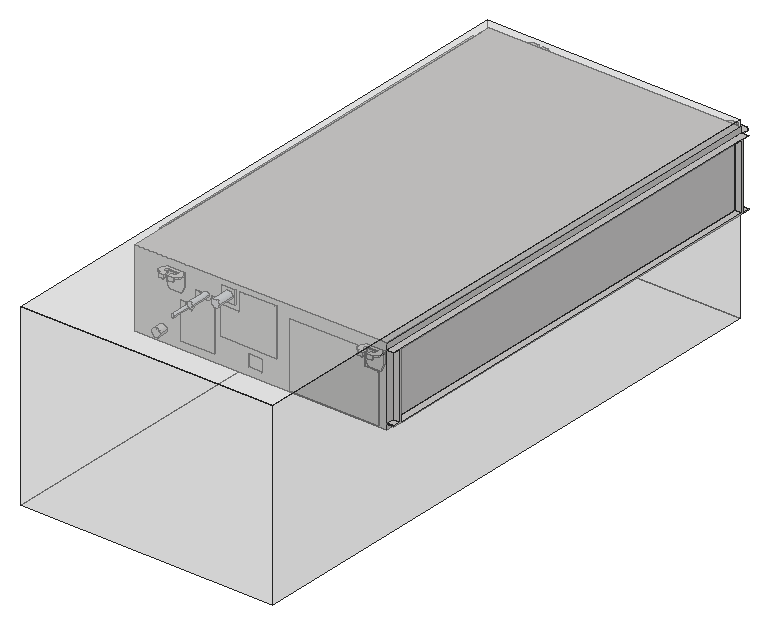
Revit family "outputfile", category 機械設備, Revit 2024
Family settings
  丸型コネクタ寸法 = 半径を使用
  パーツ タイプ = 標準
  OmniClass 番号 = 23.75.10.24.21.27.27
  OmniClass タイトル = Split System Air Conditioning Units
  作業面ベース = いいえ
  常に垂直 = はい
  ロード時にボイドで切り取り = いいえ
  注釈の向きを維持 = いいえ
  共有 = いいえ
  部屋計算ポイント = はい
Parameters (values of type "FXSQ125PAVE9")
  Description = ""
  製造元 = "Daikin"
  書き出し IFC クラス(タイプ) = "IfcUnitaryEquipmentType"
  定義済み IFC タイプ(タイプ) = "AIRCONDITIONINGUNIT"
  Cost = 0
  モデル = "FXSQ125PAVE9"
  Type Comments = ""
  Keynote = ""
  Type Image = (empty or 0)
  Assembly Code = ""
  r_Liquid Pipe Size = Liquid Pipe Size / 2  # 4.75 mm
  r_Gas Pipe Size = Gas Pipe Size / 2  # 7.95 mm
  r_Drain Pipe Size = Drain Pipe Size / 2  # 12.5 mm
  lw_power = 770.0 mm  # constant formula
  lh_SA = 138.0 mm  # constant formula
  lw_SA = if(Depth = 550.0 mm, 225.0 mm, if(Depth = 700.0 mm, 300.0 mm, if(Depth = 1000.0 mm, 450.0 mm, if(Depth = 1400.0 mm, 650.0 mm, 725.0 mm))))  # 650.0 mm
  lw_RA = if(Depth = 550.0 mm, 275.0 mm, if(Depth = 700.0 mm, 349.0 mm, if(Depth = 1000.0 mm, 499.0 mm, if(Depth = 1400.0 mm, 699.0 mm, 775.0 mm))))  # 699.0 mm
  lh_power = 60.0 mm + [h***]  # 60.0 mm
  lh_mountinghole1 = lh_mountinghole + [h***]  # 222.0 mm
  lh_RA = 123.0 mm  # constant formula
  ld_power = Depth / 2  # 700.0 mm
  Voltage_comment_60Hz = "220"
  Voltage_comment_50Hz = "220-240"
  Voltage_60Hz = 220 V
  Voltage_50Hz = 220 V
  URL = ""
  Supply Air Direction [instance] = yes
  Sound Power Level_H speed (dB) = 70
  Phase_60Hz = 1
  Phase_50Hz = 1
  Minimum External Static Pressure = 50.00 Pa
  Minimum Circuit Amps_60Hz = 2.8 A
  Minimum Circuit Amps_50Hz = 2.8 A
  Maximum Fuse Amps_60Hz = 16.0 A
  Maximum Fuse Amps_50Hz = 16.0 A
  Maximum External Static Pressure = 150.00 Pa
  Material_Casing = DAIKIN_GalvanizedSteel_Casing_indoorunit
  lw_mountinghole = 630.0 mm  # constant formula
  lh_gaspipe = 183.0 mm + [h***]  # 183.0 mm
  lh_mountinghole = 222.0 mm  # constant formula
  lh_liquidpipe = 136.0 mm + [h***]  # 136.0 mm
  lh_drainpipe = 207.0 mm + [h***]  # 207.0 mm
  lh_antena = Height - lh_mountinghole + 1.0 mm  # 24.0 mm
  ld_drainpipe = Depth / 2 + 53.0 mm  # 753.0 mm
  ld_liquidpipe = Depth / 2 + 69.0 mm  # 769.0 mm
  ld_gaspipe = Depth / 2 + 65.0 mm  # 765.0 mm
  ld_mountinghole = Depth + 38.0 mm  # 1438.0 mm
  h*** = 0.0 mm  # constant formula
  lw_liquidpipe = 179.0 mm  # constant formula
  lw_gaspipe = 229.0 mm  # constant formula
  lw_drainpipe = 300.0 mm  # constant formula
  Width = 800.0 mm
  Version = "ver.1.0"
  Unit Type = "Middle Static Pressure Duct Type"
  Unit Mass Weight = 47.00 kg
  Unit Designation [instance] = ""
  Uniclass2015Version = "Products v1.30"
  Uniclass2015Title = "Variable refrigerant flow units"
  Uniclass2015Code = "Pr_70_65_03_94"
  Total Heating Capacity [instance] = 0.000 kW
  Total Cooling Capacity [instance] = 0.000 kW
  Sound Pressure Level_M speed (dBA) = 0
  Sound Pressure Level_L speed (dBA) = 35
  Sound Pressure Level_H speed (dBA) = 42
  Series = "VRV Fan Coil Unit"
  Sensible Cooling Capacity [instance] = 0.000 kW
  SA Duct Size Width = if(Depth = 550.0 mm, 337.0 mm, if(Depth = 700.0 mm, 492.0 mm, if(Depth = 1000.0 mm, 792.0 mm, if(Depth = 1400.0 mm, 1192.0 mm, 1337.0 mm))))  # 1192.0 mm
  SA Duct Size Height = 176.0 mm
  Refrigerant Type = "R410A"
  RA Duct Size Width = if(Depth = 550.0 mm, 502.0 mm, if(Depth = 700.0 mm, 654.0 mm, if(Depth = 1000.0 mm, 952.0 mm, if(Depth = 1400.0 mm, 1352.0 mm, 1502.0 mm))))  # 1352.0 mm
  RA Duct Size Height = 208.0 mm
  Power Input (Heating) = 0.355 kW
  Power Input (Cooling) = 0.360 kW
  Option Accessory 3 [instance] = ""
  Option Accessory 2 [instance] = ""
  Option Accessory 1 [instance] = ""
  Nominal Heating Capacity = 16.000 kW
  Nominal Cooling Capacity = 14.000 kW
  Minimum Airflow = 1560.00 m³/h
  Median Airflow = 1890.00 m³/h
  Maximum Airflow = 2220.00 m³/h
  Load Classification = HVAC
  Liquid Pipe Size = 9.5 mm
  Link_Nested Family [instance] = ""
  IfcVersion = "0"
  IfcExportType = "AIRCONDITIONINGUNIT"
  IfcExportAs = "IfcUnitaryEquipmentType"
  Height = 245.0 mm
  Heating Entering Wet Bulb Temperature [instance] = 0.00 °C
  Heating Entering Dry Bulb Temperature [instance] = 0.00 °C
  Heating Ambient Wet Bulb Temperature [instance] = 0.00 °C
  Heating Ambient Dry Bulb Temperature [instance] = 0.00 °C
  Heat Exchanger Type = "Cross Fin Coil"
  Gas Pipe Size = 15.9 mm
  Frequency_60Hz = 60 Hz
  Frequency_50Hz = 50 Hz
  Fan Type = "Sirocco Fan"
  Fan Drive = "Direct Drive"
  FCU Tag No. [instance] = ""
  Drain Pipe Size = 25.0 mm
  Design Supply Airflow [instance] = 0.00 m³/h
  Design Return Airflow [instance] = 0.00 m³/h
  Design External Static Pressure [instance] = 0.00 Pa
  Depth = 1400.0 mm
  既定の高さ = 0.0 mm
  Cooling Entering Wet Bulb Temperature [instance] = 0.00 °C
  Cooling Entering Dry Bulb Temperature [instance] = 0.00 °C
  Cooling Ambient Wet Bulb Temperature [instance] = 0.00 °C
  Cooling Ambient Dry Bulb Temperature [instance] = 0.00 °C
  Clearance visibility [instance] = yes
  Clearance Top = 20.0 mm
  Clearance Right = 0.0 mm
  Clearance Rear = 0.0 mm
  Clearance Left = 0.0 mm
  Clearance Front = 450.0 mm
  Clearance Bottom = 300.0 mm
Reference planes
  plane 1 "Center (Front/Back)": y = 0
  plane 2 "h": z = 0
  plane 3 "Center (Left/Right)": x = 0
  plane 4 "Back": y = 700
  plane 5 "Front": y = -700
  plane 6 "Left": x = -400
  plane 7 "Reight": x = 400
  plane 8 "Top": z = 0
  plane 9 "Bottom": z = -245
  plane 10: y = -215
  plane 11: y = 700
  plane 12: y = -1150
  plane 13: x = -400
  plane 14: x = 400
  plane 15: z = 20
  plane 16: z = -545
  plane 17: x = -400
  plane 18: x = -399
  plane 19: x = 399
  plane 20: y = 50
  plane 21: y = -1
  plane 22: z = -122
  plane 23: y = -701
  plane 24: z = -109
  plane 25: x = -221
  plane 26: y = -765
  plane 27: z = -62
  plane 28: x = -171
  plane 29: y = -753
  plane 30: z = -38
  plane 31: x = -100
  plane 32: x = -100
  plane 33: x = -221
  plane 34: x = -171
  plane 35: x = 370
  plane 36: x = -266
  plane 37: x = 364
  plane 38: y = -719
  plane 39: y = 719
  plane 40: z = -23
  plane 41: z = -107
  plane 42: y = -770
  plane 43: z = -207
  plane 44: x = -309
  plane 45: y = -726
  plane 46: x = -251
  plane 47: x = -203
  plane 48: x = -144
  plane 49: z = -59
  plane 50: z = -106
  plane 51: z = -221
  plane 52: z = -109
  plane 53: x = -221
  plane 54: z = -62
  plane 55: x = -171
  plane 56: z = -17
  plane 57: z = -59
  plane 58: x = -121
  plane 59: x = -79
  plane 60: x = -125
  plane 61: x = -64
  plane 62: x = 53
  plane 63: z = -164
  plane 64: z = -73
  plane 65: z = -16
  plane 66: x = 93.5
  plane 67: x = 374.5
  plane 68: x = 330
  plane 69: z = -88.5
  plane 70: z = -38
  plane 71: z = -242.5
  plane 72: x = -38.5
  plane 73: x = 6.5
  plane 74: z = -181
  plane 75: z = -221
  plane 76: y = -699
  plane 77: x = -424
  plane 78: x = 424
Forms (mm)
  Extrusion 1, solid, material "DAIKIN_GalvanizedSteel_Casing_indoorunit" <- "Material_Casing"
    sketch origin (0, 0, 0) x (1, 0, 0) y (0, 1, 0)
      loop
        line (-399, 700) -> (-399, -700) -> (399, -700) -> (399, 700) -> (-399, 700)
    from -245 to 0
  Extrusion 2, solid, material "DAIKIN_GalvanizedSteel_Casing_indoorunit" <- "Material_Casing"
    sketch origin (0, 0, 0) x (1, 0, 0) y (0, 0, 1)
      loop
        line (-251, -221) -> (-144, -221) -> (-144, -59) -> (-154.47, -59)
        arc (-154.47, -59) -> (-171, -78.8) -> (-187.53, -59) r 16.8
        line (-187.53, -59) -> (-203, -59) -> (-203, -106) -> (-206.916, -106)
        arc (-206.916, -106) -> (-221, -123.4) -> (-235.084, -106) r 14.4
        line (-235.084, -106) -> (-251, -106) -> (-251, -221)
    from 700 to 701
  Extrusion 3, solid, material "DAIKIN_GalvanizedSteel_Casing_indoorunit" <- "Material_Casing"
    sketch origin (0, 0, 0) x (1, 0, 0) y (0, 0, 1)
      loop
        line (-121, -17) -> (-121, -59) -> (-79, -59) -> (-79, -17) -> (-121, -17)
      loop
        line (-125, -73) -> (-125, -164) -> (53, -164) -> (53, -16) -> (-64, -16) -> (-64, -73) -> (-125, -73)
    from 700 to 701
  Extrusion 4, solid, material "DAIKIN_GalvanizedSteel_Casing_indoorunit" <- "Material_Casing"
    sketch origin (0, 0, 0) x (1, 0, 0) y (0, 0, 1)
      loop
        line (93.5, -38) -> (93.5, -242.5) -> (374.5, -242.5) -> (374.5, -88.5) -> (330, -88.5) -> (330, -38) -> (93.5, -38)
    from 700 to 701
  Extrusion 5, solid
    sketch origin (0, 0, 0) x (1, 0, 0) y (0, 0, 1)
      loop
        circle (-221, -109) r 4.75
    from 700 to 770
  Extrusion 6, solid
    sketch origin (0, 0, 0) x (1, 0, 0) y (0, 0, 1)
      loop
        circle (-171, -62) r 7.95
    from 700 to 765
  Extrusion 7, solid
    sketch origin (0, 0, 0) x (1, 0, 0) y (0, 0, 1)
      loop
        circle (-100, -38) r 12.5
    from 701 to 753
  Extrusion 8, solid, material "DAIKIN_GalvanizedSteel_Casing_indoorunit" <- "Material_Casing"
    sketch origin (0, 0, 0) x (1, 0, 0) y (0, 0, 1)
      loop
        circle (-309, -207) r 13
    from 700 to 726
  Extrusion 9, void
    sketch origin (0, 0, 0) x (1, 0, 0) y (0, 0, 1)
      loop
        line (-38.5, -181) -> (-38.5, -221) -> (6.5, -221) -> (6.5, -181) -> (-38.5, -181)
    from 699 to 700
Cuts and joins
  Extrusion 9 cuts Extrusion 1
Dimensions and locks
  "Height": plane 8 "Top" to plane 9 "Bottom"
  equal spacing: plane 4 "Back", plane 1 "Center (Front/Back)", plane 5 "Front"
  "Depth": plane 4 "Back" to plane 5 "Front"
  equal spacing: plane 6 "Left", plane 3 "Center (Left/Right)", plane 7 "Reight"
  "Width": plane 6 "Left" to plane 7 "Reight"
  "Clearance Left": plane 13 to plane 6 "Left"
  "Clearance Right": plane 7 "Reight" to plane 14
  "Clearance Rear": plane 11 to plane 4 "Back"
  "Clearance Front": plane 5 "Front" to plane 12
  "Clearance Top": plane 15 to plane 8 "Top"
  "Clearance Bottom": plane 9 "Bottom" to plane 16
  locked: plane 17 to plane 18 at 1
  locked: plane 19 to plane 14 at 1
  "lw_SA": plane 11 to plane 20
  "lw_RA": plane 21 to plane 5 "Front"
  "lh_RA": plane 22 to plane 9 "Bottom"
  locked: plane 5 "Front" to plane 23 at 1
  "lw_liquidpipe": plane 25 to plane 6 "Left"
  "lh_liquidpipe": plane 24 to plane 9 "Bottom"
  "lh_gaspipe": plane 27 to plane 9 "Bottom"
  "lw_gaspipe": plane 28 to plane 6 "Left"
  "ld_gaspipe": plane 26 to plane 1 "Center (Front/Back)"
  "ld_drainpipe": plane 29 to plane 1 "Center (Front/Back)"
  "lh_drainpipe": plane 30 to plane 9 "Bottom"
  "lw_drainpipe": plane 31 to plane 6 "Left"
  "lw_drainpipe": plane 6 "Left" to plane 32
  "lw_liquidpipe": plane 6 "Left" to plane 33
  "lw_gaspipe": plane 6 "Left" to plane 34
  "lw_power": plane 6 "Left" to plane 35
  locked: plane 17 to plane 36 at 134
  "lw_mountinghole": plane 36 to plane 37
  equal spacing: plane 38, plane 1 "Center (Front/Back)", plane 39
  "ld_mountinghole": plane 39 to plane 38
  "lh_mountinghole": plane 40 to plane 9 "Bottom"
  "lh_SA": plane 41 to plane 9 "Bottom"
  "ld_liquidpipe": plane 21 to plane 42
  locked: plane 44 to plane 6 "Left" at 91
  locked: plane 43 to plane 9 "Bottom" at 38
  locked: plane 5 "Front" to plane 45 at 26
  plane 48 to plane 47 to plane 46 to plane 6 "Left" = 59.0 mm, 48.0 mm, 149.0 mm
  plane 8 "Top" to plane 49 to plane 50 to plane 51 = 59.0 mm locked, 47.0 mm locked, 115.0 mm locked
  plane 55 to plane 53 to plane 6 "Left" = 50.0 mm locked, 179.0 mm locked
  plane 54 to plane 52 to plane 9 "Bottom" = 47.0 mm locked, 136.0 mm locked
  plane 59 to plane 58 to plane 6 "Left" = 42.0 mm locked, 279.0 mm locked
  plane 8 "Top" to plane 56 to plane 57 = 17.0 mm locked, 42.0 mm locked
  plane 62 to plane 61 to plane 60 to plane 6 "Left" = 117.0 mm, 61.0 mm, 275.0 mm
  plane 8 "Top" to plane 65 to plane 64 = 16.0 mm locked, 57.0 mm locked
  locked: plane 65 to plane 63 at 148
  plane 8 "Top" to plane 70 to plane 69 to plane 71 = 38.0 mm locked, 50.5 mm locked, 154.0 mm locked
  plane 67 to plane 68 to plane 66 to plane 6 "Left" = 44.5 mm locked, 236.5 mm locked, 493.5 mm locked
  plane 8 "Top" to plane 74 to plane 75 = 181.0 mm locked, 40.0 mm locked
  plane 73 to plane 72 to plane 6 "Left" = 45.0 mm, 361.5 mm
  locked: plane 76 to plane 5 "Front" at 1
  locked: plane 77 to plane 17 at 24
  locked: plane 14 to plane 78 at 24
  "r_Liquid Pipe Size": radius of Extrusion 5 sketch curve
  "r_Gas Pipe Size": radius of Extrusion 6 sketch curve
  "r_Drain Pipe Size": radius of Extrusion 7 sketch curve
  aligned and locked: level to plane 2 "h"
  aligned and locked: plane 8 "Top" to Extrusion 1
  aligned and locked: Extrusion 1 to plane 9 "Bottom"
  aligned and locked: nested 5 to plane 12
  aligned and locked: plane 13 to nested 5
  aligned and locked: plane 14 to nested 5
  aligned and locked: nested 5 to plane 13
  aligned and locked: plane 11 to nested 5
  aligned and locked: plane 15 to nested 5
  aligned and locked: plane 16 to nested 5
  aligned and locked: plane 5 "Front" to Extrusion 1 sketch curve
  aligned and locked: Extrusion 1 to plane 18
  aligned and locked: plane 19 to Extrusion 1
  aligned and locked: nested 7 to plane 18
  aligned and locked: nested 7 to plane 20
  aligned and locked: plane 19 to nested 8
  aligned and locked: plane 21 to nested 8
  aligned and locked: plane 22 to nested 8
  aligned and locked: Extrusion 2 to plane 23
  aligned and locked: plane 5 "Front" to Extrusion 2
  aligned and locked: Extrusion 3 to plane 23
  aligned and locked: plane 5 "Front" to Extrusion 3
  aligned and locked: plane 5 "Front" to Extrusion 4
  aligned and locked: Extrusion 5 sketch curve to plane 25
  aligned and locked: plane 24 to Extrusion 5 sketch curve
  aligned and locked: plane 5 "Front" to Extrusion 5
  aligned and locked: Extrusion 6 sketch curve to plane 28
  aligned and locked: plane 27 to Extrusion 6 sketch curve
  aligned and locked: plane 5 "Front" to Extrusion 6
  aligned and locked: Extrusion 7 sketch curve to plane 31
  aligned and locked: Extrusion 7 sketch curve to plane 30
  aligned and locked: Extrusion 7 to plane 29
  aligned and locked: plane 23 to Extrusion 7
  aligned and locked: nested 3 to plane 29
  aligned and locked: nested 3 to plane 32
  aligned and locked: nested 2 to plane 33
  aligned and locked: nested 1 to plane 34
  aligned and locked: Extrusion 6 to plane 26
  aligned and locked: nested 1 to plane 26
  aligned and locked: nested 6 to plane 5 "Front"
  aligned and locked: nested 6 to plane 35
  aligned and locked: plane 36 to nested 10
  aligned and locked: nested 10 to plane 5 "Front"
  aligned and locked: plane 37 to nested 9
  aligned and locked: nested 9 to plane 5 "Front"
  aligned and locked: nested 11 to plane 36
  aligned and locked: plane 4 "Back" to nested 11
  aligned and locked: nested 12 to plane 37
  aligned and locked: plane 4 "Back" to nested 12
  aligned and locked: plane 40 to nested 10
  aligned and locked: plane 40 to nested 11
  aligned and locked: plane 40 to nested 9
  aligned and locked: plane 40 to nested 12
  aligned and locked: plane 36 to nested 14
  aligned and locked: nested 14 to plane 39
  aligned and locked: plane 37 to nested 13
  aligned and locked: nested 13 to plane 39
  aligned and locked: plane 37 to nested 16
  aligned and locked: plane 38 to nested 16
  aligned and locked: plane 38 to nested 15
  aligned and locked: plane 36 to nested 15
  aligned and locked: plane 17 to plane 6 "Left"
  aligned and locked: plane 41 to nested 7
  aligned and locked: Extrusion 5 to plane 42
  aligned and locked: nested 2 to plane 42
  aligned and locked: Extrusion 8 sketch curve to plane 44
  aligned and locked: plane 43 to Extrusion 8 sketch curve
  aligned and locked: plane 5 "Front" to Extrusion 8
  aligned and locked: plane 45 to Extrusion 8
  aligned and locked: Extrusion 3 sketch curve to plane 56
  aligned and locked: Extrusion 3 sketch curve to plane 58
  aligned and locked: plane 57 to Extrusion 3 sketch curve
  aligned and locked: plane 59 to Extrusion 3 sketch curve
  aligned and locked: Extrusion 4 to plane 23
  aligned and locked: Extrusion 9 sketch curve to plane 74
  aligned and locked: plane 75 to Extrusion 9 sketch curve
  aligned and locked: plane 73 to Extrusion 9 sketch curve
  aligned and locked: plane 5 "Front" to Extrusion 9
  aligned and locked: plane 76 to Extrusion 9
  aligned and locked: nested 17 to plane 20
  aligned and locked: nested 17 to plane 77
  aligned and locked: plane 21 to nested 18
  aligned and locked: plane 78 to nested 18
  aligned and locked: plane 41 to nested 17
  aligned and locked: nested 18 to plane 22
  aligned and locked: nested 4 to plane 3 "Center (Left/Right)"
  aligned and locked: plane 1 "Center (Front/Back)" to nested 4
  aligned and locked: plane 8 "Top" to level
Automatic sketch dimensions
  plane 6 "Left" to Extrusion 1 sketch curve = 1.0 mm
  Extrusion 1 sketch curve to plane 7 "Reight" = 1.0 mm
  Extrusion 1 sketch curve to plane 4 "Back" = 0.0 mm
  Extrusion 2 sketch curve to plane 46 = 0.0 mm
  Extrusion 2 sketch curve to plane 33 = 0.0 mm
  Extrusion 2 sketch curve to plane 47 = 0.0 mm
  Extrusion 2 sketch curve to plane 34 = 0.0 mm
  Extrusion 2 sketch curve to plane 48 = 0.0 mm
  Extrusion 2 sketch curve to plane 51 = 0.0 mm
  Extrusion 2 sketch curve to plane 52 = 0.0 mm
  Extrusion 2 sketch curve to plane 50 = 0.0 mm  (x3)
  Extrusion 2 sketch curve to plane 54 = 0.0 mm
  Extrusion 2 sketch curve to plane 49 = 0.0 mm  (x3)
  plane 33 to Extrusion 2 sketch curve = 14.084 mm
  plane 34 to Extrusion 2 sketch curve = 16.53 mm
  Extrusion 3 sketch curve to plane 60 = 0.0 mm
  Extrusion 3 sketch curve to plane 61 = 0.0 mm
  Extrusion 3 sketch curve to plane 62 = 0.0 mm
  Extrusion 3 sketch curve to plane 63 = 0.0 mm
  Extrusion 3 sketch curve to plane 64 = 0.0 mm
  Extrusion 3 sketch curve to plane 65 = 0.0 mm
  Extrusion 4 sketch curve to plane 66 = 0.0 mm
  Extrusion 4 sketch curve to plane 68 = 0.0 mm
  Extrusion 4 sketch curve to plane 67 = 0.0 mm
  Extrusion 4 sketch curve to plane 71 = 0.0 mm
  Extrusion 4 sketch curve to plane 69 = 0.0 mm
  Extrusion 4 sketch curve to plane 70 = 0.0 mm
  Extrusion 9 sketch curve to plane 72 = 0.0 mm
  radius of Extrusion 8 sketch curve = 13.0 mm
Nested families
  nested 1: "daikin_connector_rotate2" at (-171, 0, -62), length <- "ld_gaspipe", built-in parameter 1001364 <- "lh_gaspipe", radius <- "r_Gas Pipe Size", type "daikin_connector_rotate2"
    with radius 7.95 mm, length 765.0 mm, angle_vertical 90.00°
  nested 2: "daikin_connector_rotate2" at (-221, -1, -109), length <- "ld_liquidpipe", built-in parameter 1001364 <- "lh_liquidpipe", radius <- "r_Liquid Pipe Size", type "daikin_connector_rotate2"
    with radius 4.75 mm, length 769.0 mm, angle_vertical 90.00°
  nested 3: "daikin_connector_rotate2" at (-100, 0, -38), length <- "ld_drainpipe", built-in parameter 1001364 <- "lh_drainpipe", radius <- "r_Drain Pipe Size", type "daikin_connector_rotate2"
    with radius 12.5 mm, length 753.0 mm, angle_vertical 90.00°
  nested 4: "daikin_△_symbolicline" at (0, 0, 245) x (0, -1, 0) z (0, 0, 1), built-in parameter 1001364 <- "Height", visible <- "Supply Air Direction", type "daikin_△_symbolicline"
    with length 200.0 mm
  nested 5: "daikin_clearancespace" at (0, -225, -262.381), visible <- "Clearance visibility", show <- "Clearance visibility", Link_Nested Family <- "Link_Nested Family", type "daikin_clearancespace"
    with width 800.0 mm, show yes, height 565.0 mm, depth 1850.0 mm, Link_Nested Family ""
  nested 6: "daikin_connector_rotate2" at (370, 0, -185), built-in parameter 1001364 <- "lh_power", length <- "ld_power", type "daikin_connector_rotate2"
    with radius 10.0 mm, length 700.0 mm, angle_vertical 90.00°
  nested 7: "daikin_ductflange_FXSQ-PAVE9_2" at (-399, 50, -107) x (0, -1, 0) z (0, 0, 1), type "daikin_ductflange_FXSQ-PAVE9_2"
    with width 1192.0 mm, w 1400.0 mm
  nested 8: "daikin_ductflange_FXSQ-PAVE9_1" at (399, -1, -122) x (0, 1, 0) z (0, 0, 1), type "daikin_ductflange_FXSQ-PAVE9_1"
    with width 1352.0 mm, w 1400.0 mm
  nested 9: "daikin_hangerfixture_FXSQ-PAVE9" at (364, -700, -23), type "daikin_hangerfixture_FXSQ-PAVE9"
  nested 10: "daikin_hangerfixture_FXSQ-PAVE9" at (-266, -700, -23), type "daikin_hangerfixture_FXSQ-PAVE9"
  nested 11: "daikin_hangerfixture_FXSQ-PAVE9" at (-266, 700, -23) x (-1, 0, 0) z (0, 0, 1), type "daikin_hangerfixture_FXSQ-PAVE9"
  nested 12: "daikin_hangerfixture_FXSQ-PAVE9" at (364, 700, -23) x (-1, 0, 0) z (0, 0, 1), type "daikin_hangerfixture_FXSQ-PAVE9"
  nested 13: "daikin_mountinghole" at (364, 719, -245), h_mountinghole <- "lh_mountinghole1", l_antenna <- "lh_antena", Link_Nested Family <- "Link_Nested Family", type "daikin_mountinghole"
    with show yes, l_antenna 24.0 mm, h_mountinghole 222.0 mm, Link_Nested Family ""
  nested 14: "daikin_mountinghole" at (-266, 719, -245), h_mountinghole <- "lh_mountinghole1", l_antenna <- "lh_antena", Link_Nested Family <- "Link_Nested Family", type "daikin_mountinghole"
    with show yes, l_antenna 24.0 mm, h_mountinghole 222.0 mm, Link_Nested Family ""
  nested 15: "daikin_mountinghole" at (-266, -719, -245), h_mountinghole <- "lh_mountinghole1", l_antenna <- "lh_antena", Link_Nested Family <- "Link_Nested Family", type "daikin_mountinghole"
    with show yes, l_antenna 24.0 mm, h_mountinghole 222.0 mm, Link_Nested Family ""
  nested 16: "daikin_mountinghole" at (364, -719, -245), h_mountinghole <- "lh_mountinghole1", l_antenna <- "lh_antena", Link_Nested Family <- "Link_Nested Family", type "daikin_mountinghole"
    with show yes, l_antenna 24.0 mm, h_mountinghole 222.0 mm, Link_Nested Family ""
  nested 17: "daikin_connector_rotate2" at (-400, 50, -107) x (0, -1, 0) z (0, 0, 1), type "daikin_connector_rotate2"
    with radius 10.0 mm, length 24.0 mm, angle_vertical 90.00°
  nested 18: "daikin_connector_rotate2" at (400, -1, -122) x (0, 1, 0) z (0, 0, 1), type "daikin_connector_rotate2"
    with radius 10.0 mm, length 24.0 mm, angle_vertical 90.00°
Connectors
  piping at (-100, -753, -38), diameter 25, driven by "r_Drain Pipe Size"
    settings: on nested 3, index 3, connector inside diameter 609.6 mm, connector length 0.0 mm, flow factor 0, pipe flow 0.00 m³/h, pressure drop 0.0 Pa, fitting loss kfactor 0, connector angle 0.00°, fixture units 0, engagement length 0.0 mm, angle of deflection 0.00°, flow configuration 1, flow direction 2, fitting loss method 4, system type 16, joint type 0, gender type 0, connector reference index -1, connector utility 0, adjustable connector no, is connector primary yes, connector description "Condensate Drain Piping"
  piping at (-171, -765, -62), diameter 15.9, driven by "r_Gas Pipe Size"
    settings: on nested 1, index 4, connector inside diameter 609.6 mm, connector length 0.0 mm, flow factor 0, pipe flow 0.00 m³/h, pressure drop 0.0 Pa, fitting loss kfactor 0, connector angle 0.00°, fixture units 0, engagement length 0.0 mm, angle of deflection 0.00°, flow configuration 1, flow direction 2, fitting loss method 0, system type 29, joint type 0, gender type 0, connector reference index -1, connector utility 0, adjustable connector no, is connector primary no, connector description "Refrigerant Gas Piping"
  piping at (-221, -770, -109), diameter 9.5, driven by "r_Liquid Pipe Size"
    settings: on nested 2, index 5, connector inside diameter 609.6 mm, connector length 0.0 mm, flow factor 0, pipe flow 0.00 m³/h, pressure drop 0.0 Pa, fitting loss kfactor 0, connector angle 0.00°, fixture units 0, engagement length 0.0 mm, angle of deflection 0.00°, flow configuration 1, flow direction 1, fitting loss method 0, system type 29, joint type 0, gender type 0, connector reference index -1, connector utility 0, adjustable connector no, is connector primary no, connector description "Refrigerant Liquid Piping"
  electrical at (370, -700, -185), driven by "Load Classification"
    settings: on nested 6, index 6, voltage 0 V, apparent load 0 VA, apparent load phase1 0 VA, apparent load phase2 0 VA, apparent load phase3 0 VA, power factor 1, load classification "HVAC", number of poles 1, system type 30, power factor state 1, is connector primary yes, connector utility no, sub classification motor no, connector description "Power Supply"
  hvac at (-424, 50, -107), driven by "SA Duct Size Height", driven by "SA Duct Size Width"
    settings: on nested 17, index 7, duct flow 0.00 m³/h, flow factor 0, pres drop 0.00 Pa, loss coef 0, conn angle 0.00°, conn width 1192.0 mm, conn height 176.0 mm, conn diameter 609.6 mm, duct sys type 1, conn prof type 1, flow config 0, flow direction 2, loss method 4, conn ref index -1, conn util no, is conn primary yes, conn desc "SA Duct"
  hvac at (424, -1, -122), driven by "RA Duct Size Height", driven by "RA Duct Size Width"
    settings: on nested 18, index 8, duct flow 0.00 m³/h, flow factor 0, pres drop 0.00 Pa, loss coef 0, conn angle 0.00°, conn width 1352.0 mm, conn height 208.0 mm, conn diameter 609.6 mm, duct sys type 2, conn prof type 1, flow config 0, flow direction 1, loss method 4, conn ref index -1, conn util no, is conn primary no, conn desc "RA Duct"
Definition of nested family "daikin_clearancespace"
  Parameters (values of type "daikin_clearancespace")
    width [instance] = 1823.963 mm
    show [instance] = yes
    material = none
    height [instance] = 1359.762 mm
    depth [instance] = 880.0 mm
    Default Elevation = 0.0 mm
    Link_Nested Family [instance] = ""
  Reference planes
    plane 1 "Center (Front/Back)": y = 0
    plane 2 "Center (Elevation)": z = -0.119
    plane 3 "Center (Left/Right)": x = 0
    plane 4: y = 440
    plane 5: y = -440
    plane 6 "Right": x = 911.982
    plane 7 "Left": x = -911.982
    plane 8 "Top": z = 679.762
    plane 9 "Bottom": z = -680
  Forms (mm)
    Extrusion 1, solid, material <- "material", visible <- "show"
      sketch origin (0, 0, 0) x (1, 0, 0) y (0, 1, 0)
        loop
          line (-911.982, 440) -> (-911.982, -440) -> (911.982, -440) -> (911.982, 440) -> (-911.982, 440)
      from -680 to 679.762
  Lines and regions (mm)
    symbolic lines, visible <- "show"
      curve 1: line (911.982, 440, 0) -> (-911.982, 440, 0)
      curve 2: line (-911.982, 440, 0) -> (-911.982, -440, 0)
      curve 3: line (-911.982, -440, 0) -> (911.982, -440, 0)
      curve 4: line (911.982, -440, 0) -> (911.982, 440, 0)
      curve 5: line (911.982, 0, 679.762) -> (-911.982, 0, 679.762)
      curve 6: line (911.982, 0, -680) -> (911.982, 0, 679.762)
      curve 7: line (-911.982, 0, -680) -> (911.982, 0, -680)
      curve 8: line (-911.982, 0, 679.762) -> (-911.982, 0, -680)
      curve 9: line (0, 440, 679.762) -> (0, -440, 679.762)
      curve 10: line (0, -440, 679.762) -> (0, -440, -680)
      curve 11: line (0, 440, -680) -> (0, 440, 679.762)
      curve 12: line (0, -440, -680) -> (0, 440, -680)
  Dimensions and locks
    "width": plane 7 "Left" to plane 6 "Right"
    "depth": plane 4 to plane 5
    "height": plane 8 "Top" to plane 9 "Bottom"
    equal spacing: plane 7 "Left", plane 3 "Center (Left/Right)", plane 6 "Right"
    equal spacing: plane 4, plane 1 "Center (Front/Back)", plane 5
    equal spacing: plane 8 "Top", plane 2 "Center (Elevation)", plane 9 "Bottom"
    aligned and locked: level to plane 2 "Center (Elevation)"
    aligned and locked: Extrusion 1 sketch curve to plane 4
    aligned and locked: plane 7 "Left" to Extrusion 1 sketch curve
    aligned and locked: Extrusion 1 sketch curve to plane 5
    aligned and locked: Extrusion 1 sketch curve to plane 6 "Right"
    aligned and locked: plane 8 "Top" to Extrusion 1
    aligned and locked: curve 1 to Extrusion 1
    aligned and locked: curve 2 to Extrusion 1
    aligned and locked: curve 3 to Extrusion 1
    aligned and locked: curve 4 to Extrusion 1
    aligned and locked: curve 5 to Extrusion 1
    aligned and locked: curve 6 to Extrusion 1
    aligned and locked: curve 7 to Extrusion 1
    aligned and locked: curve 8 to Extrusion 1
    aligned and locked: curve 9 to Extrusion 1
    aligned and locked: curve 10 to Extrusion 1
    aligned and locked: curve 11 to Extrusion 1
    aligned and locked: curve 12 to Extrusion 1
    aligned and locked: Extrusion 1 to plane 9 "Bottom"
Definition of nested family "daikin_ductflange_FXSQ-PAVE9_2"
  Parameters (values of type "daikin_ductflange_FXMQ-PAVE2")
    width = if(w = 550.0 mm, 337.0 mm, if(w = 700.0 mm, 492.0 mm, if(w = 1000.0 mm, 792.0 mm, if(w = 1400.0 mm, 1192.0 mm, 1337.0 mm))))  # 337.0 mm
    material = none
    height = 215.0 mm
    depth = 1.0 mm
    w = 550.0 mm
    Default Elevation = 0.0 mm
  Reference planes
    plane 1 "Center (Front/Back)": y = 0
    plane 2: z = 0
    plane 3 "Center (Left/Right)": x = 0
    plane 4: z = 88
    plane 5: z = -88
    plane 6: y = -25
    plane 7: z = 106
    plane 8: z = 89
    plane 9: y = -1
    plane 10: x = -192.5
    plane 11: x = 192.5
    plane 12: z = -106
    plane 13: z = -89
    plane 14: y = -1
    plane 15: x = 168.5
    plane 16: x = -168.5
    plane 17: x = 169.5
    plane 18: z = 87
    plane 19: z = -87
    plane 20: x = -169.5
    plane 21: z = 87
    plane 22: z = -87
    plane 23: y = -1
  Forms (mm)
    Extrusion 1, solid, material <- "material"
      sketch origin (0, 0, 0) x (0, 1, 0) y (0, 0, 1)
        loop
          line (-25, 88) -> (0, 88) -> (0, 106) -> (-1, 106) -> (-1, 89) -> (-25, 89) -> (-25, 88)
      from -192.5 to 192.5
    Extrusion 2, solid, material <- "material"
      sketch origin (0, 0, 0) x (0, 1, 0) y (0, 0, 1)
        loop
          line (-25, -88) -> (-25, -89) -> (-1, -89) -> (-1, -106) -> (0, -106) -> (0, -88) -> (-25, -88)
      from -192.5 to 192.5
    Extrusion 3, solid, material <- "material"
      sketch origin (0, 0, 0) x (1, 0, 0) y (0, 0, 1)
        loop
          line (168.5, 88) -> (168.5, -88) -> (192.5, -88) -> (192.5, -87) -> (169.5, -87) -> (169.5, 87) -> (192.5, 87) -> (192.5, 88) -> (168.5, 88)
      from 0 to 25
    Extrusion 4, solid, material <- "material"
      sketch origin (0, 0, 0) x (1, 0, 0) y (0, 0, 1)
        loop
          line (-192.5, 88) -> (-192.5, 87) -> (-169.5, 87) -> (-169.5, -87) -> (-192.5, -87) -> (-192.5, -88) -> (-168.5, -88) -> (-168.5, 88) -> (-192.5, 88)
      from 0 to 25
    Extrusion 5, solid, material <- "material"
      sketch origin (0, 0, 0) x (1, 0, 0) y (0, 0, 1)
        loop
          line (-192.5, 88) -> (-192.5, -88) -> (-168.5, -88) -> (-168.5, 88) -> (-192.5, 88)
        loop
          line (192.5, 88) -> (168.5, 88) -> (168.5, -88) -> (192.5, -88) -> (192.5, 88)
      from 0 to 1
  Cuts and joins
    joined: Extrusion 1, Extrusion 2, Extrusion 3, Extrusion 4, Extrusion 5
  Dimensions and locks
    plane 4 to level to plane 5 = 88.0 mm, 88.0 mm
    locked: plane 6 to plane 1 "Center (Front/Back)" at 25
    locked: plane 9 to plane 1 "Center (Front/Back)" at 1
    locked: plane 8 to plane 4 at 1
    locked: plane 16 to plane 10 at 24
    locked: plane 17 to plane 15 at 1
    locked: plane 4 to plane 18 at 1
    locked: plane 19 to plane 5 at 1
    "width": plane 15 to plane 16
    plane 4 to plane 5 = 176.0 mm
    locked: plane 16 to plane 20 at 1
    locked: plane 4 to plane 21 at 1
    locked: plane 22 to plane 5 at 1
    locked: plane 23 to plane 1 "Center (Front/Back)" at 1
    plane 4 to level to plane 5 = 88.0 mm locked, 88.0 mm locked
    locked: plane 5 to plane 13 at 1
    locked: plane 5 to plane 12 at 18
    locked: plane 7 to plane 4 at 18
    equal spacing: plane 15, plane 3 "Center (Left/Right)", plane 16
    locked: plane 11 to plane 15 at 24
    plane 11 to plane 10 = 385.0 mm
    aligned and locked: level to plane 2
    aligned and locked: Extrusion 1 to plane 10
    aligned and locked: plane 11 to Extrusion 1
    aligned and locked: plane 5 to Extrusion 2
    aligned and locked: Extrusion 2 to plane 1 "Center (Front/Back)"
    aligned and locked: plane 15 to Extrusion 3 sketch curve
    aligned and locked: Extrusion 3 sketch curve to Extrusion 2  (x2)
    aligned and locked: Extrusion 3 sketch curve to plane 11
    aligned and locked: plane 6 to Extrusion 3
    aligned and locked: Extrusion 2 to plane 10
    aligned and locked: plane 11 to Extrusion 2
    aligned and locked: Extrusion 4 sketch curve to Extrusion 1  (x2)
    aligned and locked: plane 5 to Extrusion 4 sketch curve
    aligned and locked: Extrusion 4 sketch curve to plane 16
    aligned and locked: Extrusion 4 sketch curve to plane 22
    aligned and locked: plane 20 to Extrusion 4 sketch curve
    aligned and locked: plane 21 to Extrusion 4 sketch curve
    aligned and locked: Extrusion 4 to plane 1 "Center (Front/Back)"
    aligned and locked: plane 6 to Extrusion 4
    aligned and locked: Extrusion 5 sketch curve to Extrusion 1  (x4)
    aligned and locked: Extrusion 5 sketch curve to Extrusion 4  (x2)
    aligned and locked: Extrusion 5 sketch curve to Extrusion 3  (x2)
    aligned and locked: Extrusion 5 to plane 1 "Center (Front/Back)"
    aligned and locked: plane 23 to Extrusion 5
  Automatic sketch dimensions
    Extrusion 1 sketch curve to plane 6 = 0.0 mm
    Extrusion 1 sketch curve to plane 7 = 0.0 mm
    Extrusion 1 sketch curve to plane 9 = 0.0 mm
    Extrusion 1 sketch curve to plane 1 "Center (Front/Back)" = 0.0 mm
    Extrusion 1 sketch curve to plane 4 = 0.0 mm
    Extrusion 1 sketch curve to plane 8 = 0.0 mm
    Extrusion 2 sketch curve to plane 6 = 0.0 mm
    plane 12 to Extrusion 2 sketch curve = 0.0 mm
    Extrusion 2 sketch curve to plane 14 = 0.0 mm
    Extrusion 2 sketch curve to plane 1 "Center (Front/Back)" = 0.0 mm
    plane 13 to Extrusion 2 sketch curve = 0.0 mm
    Extrusion 2 sketch curve to plane 5 = 0.0 mm
    Extrusion 3 sketch curve to plane 17 = 0.0 mm
    Extrusion 3 sketch curve to plane 19 = 0.0 mm
    Extrusion 3 sketch curve to plane 18 = 0.0 mm
    Extrusion 3 sketch curve to plane 4 = 0.0 mm
    Extrusion 4 sketch curve to plane 10 = 0.0 mm
Definition of nested family "daikin_ductflange_FXSQ-PAVE9_1"
  Parameters (values of type "daikin_ductflange_FXMQ-PAVE")
    width = if(w = 550.0 mm, 502.0 mm, if(w = 700.0 mm, 654.0 mm, if(w = 1000.0 mm, 952.0 mm, if(w = 1400.0 mm, 1352.0 mm, 1502.0 mm))))  # 502.0 mm
    material = none
    height = 208.0 mm
    depth = 1.0 mm
    w = 550.0 mm
    Default Elevation = 0.0 mm
  Reference planes
    plane 1 "Center (Front/Back)": y = 0
    plane 2: z = 0
    plane 3 "Center (Left/Right)": x = 0
    plane 4: z = 104
    plane 5: z = -104
    plane 6: y = -25
    plane 7: z = 121
    plane 8: z = 105
    plane 9: y = -1
    plane 10: x = -275
    plane 11: x = 275
    plane 12: z = -122
    plane 13: z = -105
    plane 14: y = -1
    plane 15: x = 251
    plane 16: x = -251
    plane 17: x = 252
    plane 18: z = 103
    plane 19: z = -103
    plane 20: x = -252
    plane 21: z = 103
    plane 22: z = -103
    plane 23: y = -1
  Forms (mm)
    Extrusion 1, solid, material <- "material"
      sketch origin (0, 0, 0) x (0, 1, 0) y (0, 0, 1)
        loop
          line (-25, 104) -> (0, 104) -> (0, 121) -> (-1, 121) -> (-1, 105) -> (-25, 105) -> (-25, 104)
      from -275 to 275
    Extrusion 2, solid, material <- "material"
      sketch origin (0, 0, 0) x (0, 1, 0) y (0, 0, 1)
        loop
          line (-25, -104) -> (-25, -105) -> (-1, -105) -> (-1, -122) -> (0, -122) -> (0, -104) -> (-25, -104)
      from -275 to 275
    Extrusion 3, solid, material <- "material"
      sketch origin (0, 0, 0) x (1, 0, 0) y (0, 0, 1)
        loop
          line (251, 104) -> (251, -104) -> (275, -104) -> (275, -103) -> (252, -103) -> (252, 103) -> (275, 103) -> (275, 104) -> (251, 104)
      from 0 to 25
    Extrusion 4, solid, material <- "material"
      sketch origin (0, 0, 0) x (1, 0, 0) y (0, 0, 1)
        loop
          line (-275, 104) -> (-275, 103) -> (-252, 103) -> (-252, -103) -> (-275, -103) -> (-275, -104) -> (-251, -104) -> (-251, 104) -> (-275, 104)
      from 0 to 25
    Extrusion 5, solid, material <- "material"
      sketch origin (0, 0, 0) x (1, 0, 0) y (0, 0, 1)
        loop
          line (-275, 104) -> (-275, -104) -> (-251, -104) -> (-251, 104) -> (-275, 104)
        loop
          line (275, 104) -> (251, 104) -> (251, -104) -> (275, -104) -> (275, 104)
      from 0 to 1
  Cuts and joins
    joined: Extrusion 1, Extrusion 2, Extrusion 3, Extrusion 4, Extrusion 5
  Dimensions and locks
    plane 4 to level to plane 5 = 104.0 mm, 104.0 mm
    locked: plane 6 to plane 1 "Center (Front/Back)" at 25
    locked: plane 9 to plane 1 "Center (Front/Back)" at 1
    locked: plane 8 to plane 4 at 1
    locked: plane 11 to plane 15 at 24
    locked: plane 16 to plane 10 at 24
    locked: plane 17 to plane 15 at 1
    locked: plane 4 to plane 18 at 1
    locked: plane 19 to plane 5 at 1
    "width": plane 15 to plane 16
    equal spacing: plane 15, plane 3 "Center (Left/Right)", plane 16
    locked: plane 16 to plane 20 at 1
    locked: plane 4 to plane 21 at 1
    locked: plane 22 to plane 5 at 1
    locked: plane 23 to plane 1 "Center (Front/Back)" at 1
    locked: plane 7 to plane 4 at 17
    locked: plane 1 "Center (Front/Back)" to plane 14 at 1
    locked: plane 5 to plane 13 at 1
    "height": plane 4 to plane 5
    plane 11 to plane 10 = 550.0 mm
    locked: plane 12 to plane 13 at 17
    equal spacing: plane 4, level, plane 5
    aligned and locked: level to plane 2
    aligned and locked: Extrusion 1 to plane 10
    aligned and locked: plane 11 to Extrusion 1
    aligned and locked: plane 5 to Extrusion 2
    aligned and locked: Extrusion 2 to plane 1 "Center (Front/Back)"
    aligned and locked: plane 15 to Extrusion 3 sketch curve
    aligned and locked: Extrusion 3 sketch curve to Extrusion 2  (x2)
    aligned and locked: Extrusion 3 sketch curve to plane 11
    aligned and locked: plane 6 to Extrusion 3
    aligned and locked: Extrusion 2 to plane 10
    aligned and locked: plane 11 to Extrusion 2
    aligned and locked: Extrusion 4 sketch curve to Extrusion 1  (x2)
    aligned and locked: plane 5 to Extrusion 4 sketch curve
    aligned and locked: Extrusion 4 sketch curve to plane 16
    aligned and locked: Extrusion 4 sketch curve to plane 22
    aligned and locked: plane 20 to Extrusion 4 sketch curve
    aligned and locked: plane 21 to Extrusion 4 sketch curve
    aligned and locked: Extrusion 4 to plane 1 "Center (Front/Back)"
    aligned and locked: plane 6 to Extrusion 4
    aligned and locked: Extrusion 5 sketch curve to Extrusion 1  (x4)
    aligned and locked: Extrusion 5 sketch curve to Extrusion 4  (x2)
    aligned and locked: Extrusion 5 sketch curve to Extrusion 3  (x2)
    aligned and locked: Extrusion 5 to plane 1 "Center (Front/Back)"
    aligned and locked: plane 23 to Extrusion 5
  Automatic sketch dimensions
    Extrusion 1 sketch curve to plane 6 = 0.0 mm
    Extrusion 1 sketch curve to plane 7 = 0.0 mm
    Extrusion 1 sketch curve to plane 9 = 0.0 mm
    Extrusion 1 sketch curve to plane 1 "Center (Front/Back)" = 0.0 mm
    Extrusion 1 sketch curve to plane 4 = 0.0 mm
    Extrusion 1 sketch curve to plane 8 = 0.0 mm
    Extrusion 2 sketch curve to plane 6 = 0.0 mm
    plane 12 to Extrusion 2 sketch curve = 0.0 mm
    Extrusion 2 sketch curve to plane 14 = 0.0 mm
    Extrusion 2 sketch curve to plane 1 "Center (Front/Back)" = 0.0 mm
    plane 13 to Extrusion 2 sketch curve = 0.0 mm
    Extrusion 2 sketch curve to plane 5 = 0.0 mm
    Extrusion 3 sketch curve to plane 17 = 0.0 mm
    Extrusion 3 sketch curve to plane 19 = 0.0 mm
    Extrusion 3 sketch curve to plane 18 = 0.0 mm
    Extrusion 3 sketch curve to plane 4 = 0.0 mm
    Extrusion 4 sketch curve to plane 10 = 0.0 mm
Definition of nested family "daikin_hangerfixture_FXSQ-PAVE9"
  Parameters (values of type "daikin_hangerfixture_FXMQ-PAVE")
    width = 72.0 mm
    material = none
    height = 60.0 mm
    depth = 41.0 mm
    Default Elevation = 0.0 mm
  Reference planes
    plane 1 "Center (Front/Back)": y = 0
    plane 2: z = 0
    plane 3 "Center (Left/Right)": x = 0
    plane 4: y = 417.146
    plane 5: y = -41
    plane 6: x = -36
    plane 7: x = 36
    plane 8: z = -2.3
    plane 9: z = -60
    plane 10: y = -2.3
    plane 11: z = -12
    plane 12: y = -38.7
  Forms (mm)
    Extrusion 1, solid, material <- "material"
      sketch origin (0, 0, 0) x (1, 0, 0) y (0, 1, 0)
        loop
          line (-28, 0) -> (-28, -5)
          arc (-28, -5) -> (-29.127, -8.162) -> (-32, -9.899) r 5
          arc (-32, -9.899) -> (-34.873, -11.636) -> (-36, -14.798) r 5
          line (-36, -14.798) -> (-36, -27.178)
          arc (-36, -27.178) -> (-35.429, -29.499) -> (-33.846, -31.289) r 5
          line (-33.846, -31.289) -> (-23, -38.798) -> (-23, -41.098) -> (-6.5, -41.098) -> (-6.5, -28.498)
          arc (-6.5, -28.498) -> (-7.379, -26.377) -> (-9.5, -25.498) r 3
          line (-9.5, -25.498) -> (-13.5, -25.498)
          arc (-13.5, -25.498) -> (-20, -18.998) -> (-13.5, -12.498) r 6.5
          line (-13.5, -12.498) -> (13.5, -12.498)
          arc (13.5, -12.498) -> (20, -18.998) -> (13.5, -25.498) r 6.5
          line (13.5, -25.498) -> (9.5, -25.498)
          arc (9.5, -25.498) -> (7.379, -26.377) -> (6.5, -28.498) r 3
          line (6.5, -28.498) -> (6.5, -41.098) -> (23, -41.098) -> (23, -38.798) -> (33.846, -31.289)
          arc (33.846, -31.289) -> (35.429, -29.499) -> (36, -27.178) r 5
          line (36, -27.178) -> (36, -14.596)
          arc (36, -14.596) -> (34.873, -11.434) -> (32, -9.697) r 5
          arc (32, -9.697) -> (29.127, -7.96) -> (28, -4.798) r 5
          line (28, -4.798) -> (28, 0) -> (-28, 0)
      from 0 to -2.3
    Extrusion 2, solid, material <- "material"
      sketch origin (0, 0, 0) x (1, 0, 0) y (0, 0, 1)
        loop
          line (28, -39.037) -> (28, 0) -> (-28, 0) -> (-28, -39.037)
          arc (-28, -39.037) -> (-27.91, -39.983) -> (-27.642, -40.894) r 5
          line (-27.642, -40.894) -> (-21.257, -56.857)
          arc (-21.257, -56.857) -> (-19.418, -59.14) -> (-16.615, -60) r 5
          line (-16.615, -60) -> (16.615, -60)
          arc (16.615, -60) -> (19.418, -59.14) -> (21.257, -56.857) r 5
          line (21.257, -56.857) -> (27.642, -40.894)
          arc (27.642, -40.894) -> (27.91, -39.983) -> (28, -39.037) r 5
      from 0 to 2.3
    Extrusion 3, solid, material <- "material"
      sketch origin (0, 0, 0) x (1, 0, 0) y (0, 0, 1)
        loop
          line (-23, 0) -> (-23, -9)
          arc (-23, -9) -> (-22.121, -11.121) -> (-20, -12) r 3
          line (-20, -12) -> (-9.5, -12)
          arc (-9.5, -12) -> (-7.379, -11.121) -> (-6.5, -9) r 3
          line (-6.5, -9) -> (-6.5, 0) -> (-23, 0)
        loop
          line (23, 0) -> (6.5, 0) -> (6.5, -9)
          arc (6.5, -9) -> (7.379, -11.121) -> (9.5, -12) r 3
          line (9.5, -12) -> (20, -12)
          arc (20, -12) -> (22.121, -11.121) -> (23, -9) r 3
          line (23, -9) -> (23, 0)
      from 38.8 to 41.098
  Cuts and joins
    joined: Extrusion 1, Extrusion 2, Extrusion 3
  Dimensions and locks
    plane 2 to plane 8 = 2.3 mm
    "height": plane 2 to plane 9
    locked: plane 10 to plane 1 "Center (Front/Back)" at 2.3
    locked: plane 2 to plane 11 at 12
    locked: plane 12 to plane 5 at 2.3
    aligned and locked: level to plane 2
    aligned and locked: Extrusion 1 to plane 8
    aligned and locked: plane 2 to Extrusion 1
    aligned and locked: plane 2 to Extrusion 2 sketch curve
    aligned and locked: Extrusion 2 to plane 10
    aligned and locked: Extrusion 2 to plane 1 "Center (Front/Back)"
    aligned and locked: Extrusion 3 sketch curve to cut or joined group of Extrusion 1, Extrusion 2, Extrusion 3  (x3)
    aligned and locked: cut or joined group of Extrusion 1, Extrusion 2, Extrusion 3 to Extrusion 3
  Automatic sketch dimensions
    Extrusion 2 sketch curve to plane 7 = 8.0 mm
    Extrusion 2 sketch curve to plane 8 = 36.737 mm
    plane 6 to Extrusion 2 sketch curve = 19.385 mm
    Extrusion 1 sketch curve to plane 6 = 0.0 mm
    plane 1 "Center (Front/Back)" to Extrusion 1 sketch curve = 0.0 mm
    Extrusion 1 sketch curve to plane 7 = 0.0 mm
    plane 6 to Extrusion 1 sketch curve = 2.154 mm
    plane 6 to Extrusion 1 sketch curve = 3.0 mm
    Extrusion 1 sketch curve to Extrusion 1 sketch curve = 5.0 mm  (x3)
    Extrusion 1 sketch curve to plane 12 = 0.098 mm  (x2)
    Extrusion 1 sketch curve to Extrusion 1 sketch curve = 4.0 mm  (x2)
    Extrusion 1 sketch curve to plane 5 = 0.098 mm  (x2)
    Extrusion 1 sketch curve to plane 3 "Center (Left/Right)" = 6.5 mm
    plane 3 "Center (Left/Right)" to Extrusion 1 sketch curve = 6.5 mm
    Extrusion 1 sketch curve to Extrusion 1 sketch curve = 3.0 mm
    Extrusion 1 sketch curve to plane 7 = 8.0 mm
    Extrusion 1 sketch curve to plane 7 = 5.0 mm
    Extrusion 1 sketch curve to plane 7 = 3.0 mm
    Extrusion 1 sketch curve to plane 7 = 2.154 mm
    plane 12 to Extrusion 1 sketch curve = 7.411 mm  (x2)
    plane 12 to Extrusion 1 sketch curve = 10.202 mm  (x2)
    Extrusion 1 sketch curve to Extrusion 1 sketch curve = 6.5 mm  (x2)
    Extrusion 1 sketch curve to Extrusion 1 sketch curve = 12.38 mm
    Extrusion 1 sketch curve to plane 10 = 12.296 mm
    Extrusion 1 sketch curve to plane 10 = 2.7 mm
    Extrusion 1 sketch curve to plane 10 = 2.498 mm
    plane 6 to Extrusion 1 sketch curve = 4.0 mm
    Extrusion 1 sketch curve to Extrusion 1 sketch curve = 0.0 mm  (x2)
    Extrusion 1 sketch curve to plane 7 = 4.0 mm
    Extrusion 1 sketch curve to Extrusion 1 sketch curve = 4.111 mm
    Extrusion 3 sketch curve to level = 0.0 mm  (x2)
    Extrusion 3 sketch curve to plane 11 = 0.0 mm  (x2)
    plane 11 to Extrusion 3 sketch curve = 3.0 mm  (x2)
    plane 3 "Center (Left/Right)" to Extrusion 3 sketch curve = 6.5 mm
    Extrusion 3 sketch curve to Extrusion 3 sketch curve = 3.0 mm  (x2)
    Extrusion 2 sketch curve to plane 9 = 0.0 mm
    Extrusion 2 sketch curve to Extrusion 2 sketch curve = 11.385 mm
    plane 6 to Extrusion 2 sketch curve = 8.0 mm
    plane 9 to Extrusion 2 sketch curve = 20.963 mm
    Extrusion 2 sketch curve to Extrusion 2 sketch curve = 5.0 mm  (x2)
    plane 9 to Extrusion 2 sketch curve = 3.143 mm  (x3)
    Extrusion 2 sketch curve to Extrusion 2 sketch curve = 4.642 mm  (x2)
    Extrusion 2 sketch curve to Extrusion 2 sketch curve = 0.0 mm  (x2)
    Extrusion 2 sketch curve to Extrusion 2 sketch curve = 0.358 mm
    Extrusion 2 sketch curve to Extrusion 2 sketch curve = 1.857 mm  (x2)
Definition of nested family "daikin_connector_rotate2"
  Parameters (values of type "daikin_connector_rotate2")
    Default Elevation = 1219.2 mm
    show_face = no
    radius [instance] = 10.0 mm
    length [instance] = 600.0 mm
    d_surface = 10.0 mm
    angle_vertical [instance] = 90.00°
  Reference planes
    plane 1 "Center (Front/Back)": y = 0
    plane 2: z = 0
    plane 3 "Center (Left/Right)": x = 0
  Forms (mm)
    Extrusion 1, solid, visible <- "show_face"
      sketch origin (0, -600, 0) x (1, 0, 0) y (0, 0, 1)
        loop
          circle (0, 0) r 10
      from 0 to -10
  Lines and regions (mm)
    reference lines
      curve 1: line (0, 0, 0) -> (0, -600, 0)
    symbolic lines
      curve 2: circle (0, 0, 0) r 5 normal (0, 0, 1)
    model lines, visible <- "show_face"
      curve 3: line (0, 0, 0) -> (0, -600, 0)
  Dimensions and locks
    "length": curve 1 to curve 1
    "length": curve 3 to curve 3
    "d_surface": Extrusion 1 to Extrusion 1
    "radius": radius of Extrusion 1 sketch curve
    "angle_vertical": angle curve 1 to plane 1 "Center (Front/Back)"
    "angle_vertical": angle curve 3 to plane 1 "Center (Front/Back)"
    aligned and locked: level to plane 2
    aligned and locked: plane 1 "Center (Front/Back)" to curve 1
    aligned and locked: plane 2 to curve 1
    aligned and locked: plane 1 "Center (Front/Back)" to curve 2
    aligned and locked: plane 3 "Center (Left/Right)" to curve 2
    aligned and locked: plane 1 "Center (Front/Back)" to curve 3
    aligned and locked: plane 2 to curve 3
    aligned and locked: Extrusion 1 to Extrusion 1
  Automatic sketch dimensions
    Extrusion 1 sketch curve to level = 0.0 mm
    Extrusion 1 sketch curve to plane 3 "Center (Left/Right)" = 0.0 mm
    radius of curve 2 = 5.0 mm
Definition of nested family "daikin_△_symbolicline"
  Parameters (values of type "daikin_△_symbolicline")
    length [instance] = 200.0 mm
    Default Elevation = 0.0 mm
  Reference planes
    plane 1 "Center (Front/Back)": y = 0
    plane 2: z = 0
    plane 3 "Center (Left/Right)": x = 0
  Lines and regions (mm)
    symbolic lines
      curve 1: line (0, -173.205, 0) -> (100, 0, 0)
      curve 2: line (100, 0, 0) -> (-100, 0, 0)
      curve 3: line (-100, 0, 0) -> (0, -173.205, 0)
  Dimensions and locks
    equal spacing: curve 3, plane 3 "Center (Left/Right)", curve 2
    "length": curve 3 to curve 2
    "length": curve 3 to curve 3
    "length": curve 1 to curve 1
    aligned and locked: level to plane 2
    aligned and locked: curve 2 to plane 1 "Center (Front/Back)"
    aligned and locked: plane 3 "Center (Left/Right)" to curve 3
Definition of nested family "daikin_mountinghole"
  Parameters (values of type "daikin_mountinghole")
    Default Elevation = 1219.2 mm
    Type Comments = "mountinghole"
    show [instance] = yes
    material = none
    l_centerline = 100.0 mm
    l_antenna [instance] = 100.0 mm
    h_mountinghole [instance] = 0.0 mm
    d_circle = 30.0 mm
    Link_Nested Family [instance] = ""
  Reference planes
    plane 1 "Center (Front/Back)": y = 0
    plane 2: z = 0
    plane 3 "Center (Left/Right)": x = 0
    plane 4: y = 50
    plane 5: x = -50
    plane 6: x = 50
    plane 7: y = -50
    plane 8 "h_mountinghole": z = 0
    plane 9: z = 100
  Lines and regions (mm)
    model lines, detail levels fine
      curve 1: circle (0, 0, 0) r 15 normal (0, 0, 1)
      curve 2: line (-50, 0, 0) -> (50, 0, 0)
      curve 3: line (0, 50, 0) -> (0, -50, 0)
    symbolic lines, detail levels fine
      curve 4: circle (0, 0, 0) r 15 normal (0, 0, 1)
      curve 5: line (-50, 0, 0) -> (50, 0, 0)
      curve 6: line (0, 50, 0) -> (0, -50, 0)
    model lines
      curve 7: line (0, 0, 100) -> (0, 0, 0)
  Dimensions and locks
    equal spacing: plane 4, plane 1 "Center (Front/Back)", plane 7
    "l_centerline": plane 4 to plane 7
    equal spacing: plane 5, plane 3 "Center (Left/Right)", plane 6
    "l_centerline": plane 5 to plane 6
    "l_antenna": plane 9 to plane 8 "h_mountinghole"
    "h_mountinghole": plane 8 "h_mountinghole" to plane 2
    "d_circle": diameter of curve 1
    "d_circle": diameter of curve 4
    aligned and locked: level to plane 2
    aligned and locked: plane 1 "Center (Front/Back)" to curve 1
    aligned and locked: plane 3 "Center (Left/Right)" to curve 1
    aligned and locked: plane 1 "Center (Front/Back)" to curve 2
    aligned and locked: curve 3 to plane 3 "Center (Left/Right)"
    aligned and locked: plane 6 to curve 2
    aligned and locked: plane 5 to curve 2
    aligned and locked: plane 4 to curve 3
    aligned and locked: plane 7 to curve 3
    aligned and locked: plane 1 "Center (Front/Back)" to curve 4
    aligned and locked: plane 3 "Center (Left/Right)" to curve 4
    aligned and locked: plane 6 to curve 5
    aligned and locked: plane 5 to curve 5
    aligned and locked: plane 1 "Center (Front/Back)" to curve 5
    aligned and locked: plane 4 to curve 6
    aligned and locked: plane 7 to curve 6
    aligned and locked: curve 6 to plane 3 "Center (Left/Right)"
    aligned and locked: curve 7 to plane 3 "Center (Left/Right)"
    aligned and locked: plane 9 to curve 7
    aligned and locked: plane 8 "h_mountinghole" to curve 7
